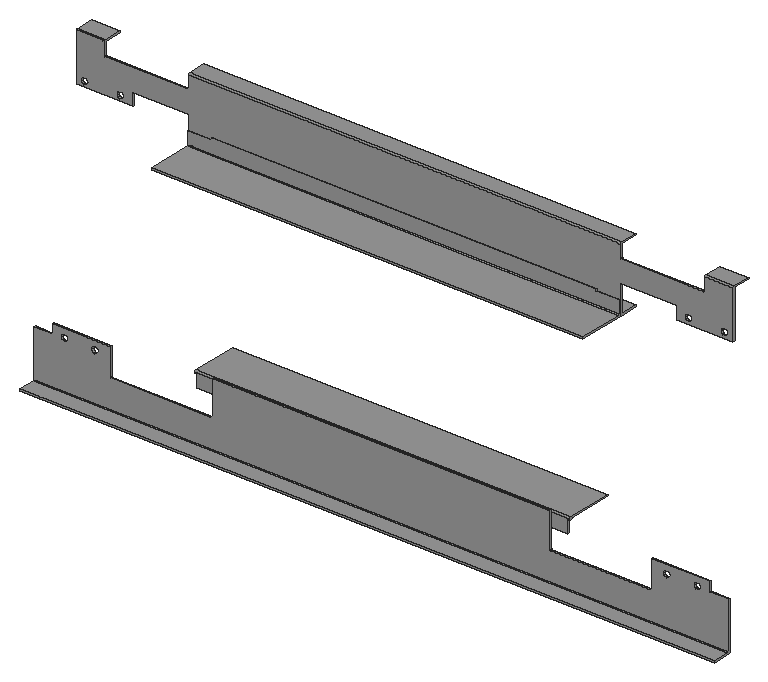
Revit family "ITK by ZPAS_ Фальшпанель горизонтальная_ 42U-47U", category Обобщенные модели, Revit 2019
Family settings
  Может служить основой для арматурных стержней = Нет
  Размер круглого соединителя = Использовать диаметр
  Тип детали = Нормальный
  На основе рабочей плоскости = Нет
  Всегда вертикально = Да
  При загрузке вырезать с полостями = Нет
  Общий = Нет
  Точка расчета площади = Нет
Parameters (values of type "47UхШ700_Серая")
  Ширина = 700 mm
  Материал = Окраска - RAL 7035
  Изготовитель = "ITK"  # constant formula
  Дата изменения = ""
  URL = "https://www.iek.ru/"
  KSI_CPr_Строительные изделия = "61.1.04.08"  # constant formula
  KSI_CMa_Строительные материалы = "10.03.02.06"  # constant formula
  IEK_Цена за единицу = 5244.49
  IEK_Поиск в таблице имен = ""
  IEK_Описание = "Закрывают пространство между 19-дюймовой монтажной зоной и верхней/нижней панелью шкафа. Горизонтальные фальшпанели крепятся к вертикальным фальшпанелям."
  IEK_URL = "https://www.itk-group.ru/produktsiya/catalog/oborudovanie_telekommunikatsionnoe/kompleksnye_resheniya_dlya_tsod/shkafy_i_aksessuary_dlya_tsod/komplektuyushchie_i_aksessuary_dlya_shkafov_itk_by_zpas/paneli_peregorodki_itk_by_zpas/itk_by_zpas_falsh_panel_gorizontalnaya_19_47u_800mm_seraya_2sht_kompl"
  ADSK_Примечание = ""
  ADSK_Позиция [instance] = ""
  ADSK_Наименование = "ITK by ZPAS Фальшпанель горизонтальная 19\" 47U 800 серая (2шт/компл)"
  ADSK_Материал обозначение = ""
  ADSK_Материал наименование = "Листовая сталь"  # constant formula
  ADSK_Масса = 1
  ADSK_Марка = "by ZPAS"  # constant formula
  ADSK_Код изделия = "ZP-FP35-47U-H-0800"
  ADSK_Завод-изготовитель = "IEK"  # constant formula
  ADSK_Единица измерения = "компл"  # constant formula
  ADSK_Группирование = "I. ЩИТЫ И ПУЛЬТЫ"  # constant formula
  ADSK_Версия семейства = "1.0"  # constant formula
  ADSK_Версия Revit = "2019"  # constant formula
  ADSK_URL страницы изделия = "https://www.itk-group.ru/produktsiya/catalog/oborudovanie_telekommunikatsionnoe/kompleksnye_resheniya_dlya_tsod/shkafy_i_aksessuary_dlya_tsod/komplektuyushchie_i_aksessuary_dlya_shkafov_itk_by_zpas/paneli_peregorodki_itk_by_zpas/?pagec=100"
Types (12, lengths in mm): name | Ширина | Материал | IEK_Цена за единицу | IEK_URL | ADSK_Наименование | ADSK_Код изделия
  42UхШ500_Черная | 500 | Окраска - RAL 9005 | 2760.19 | "https://www.itk-group.ru/produktsiya/catalog/oborudovanie_telekommunikatsionnoe/kompleksnye_resheniya_dlya_tsod/shkafy_i_aksessuary_dlya_tsod/komplektuyushchie_i_aksessuary_dlya_shkafov_itk_by_zpas/paneli_peregorodki_itk_by_zpas/itk_by_zpas_falsh_panel_gorizontalnaya_19_42u_600mm_chernaya_2sht_kompl" | "ITK by ZPAS Фальшпанель горизонтальная 19\" 42U 600 черная (2шт/компл)" | "ZP-FP05-42U-H-0600"
  42UхШ700_Черная | 700 | Окраска - RAL 9005 | 5035.48 | "https://www.itk-group.ru/produktsiya/catalog/oborudovanie_telekommunikatsionnoe/kompleksnye_resheniya_dlya_tsod/shkafy_i_aksessuary_dlya_tsod/komplektuyushchie_i_aksessuary_dlya_shkafov_itk_by_zpas/paneli_peregorodki_itk_by_zpas/itk_by_zpas_falsh_panel_gorizontalnaya_19_42u_800mm_chernaya_2sht_kompl" | "ITK by ZPAS Фальшпанель горизонтальная 19\" 42U 800 черная (2шт/компл)" | "ZP-FP05-42U-H-0800"
  45UхШ500_Черная | 500 | Окраска - RAL 9005 | 2866.36 | "https://www.itk-group.ru/produktsiya/catalog/oborudovanie_telekommunikatsionnoe/kompleksnye_resheniya_dlya_tsod/shkafy_i_aksessuary_dlya_tsod/komplektuyushchie_i_aksessuary_dlya_shkafov_itk_by_zpas/paneli_peregorodki_itk_by_zpas/itk_by_zpas_falsh_panel_gorizontalnaya_19_45u_600mm_chernaya_2sht_kompl" | "ITK by ZPAS Фальшпанель горизонтальная 19\" 45U 600 черная (2шт/компл)" | "ZP-FP05-45U-H-0600"
  45UхШ700_Черная | 700 | Окраска - RAL 9005 | 5165.74 | "https://www.itk-group.ru/produktsiya/catalog/oborudovanie_telekommunikatsionnoe/kompleksnye_resheniya_dlya_tsod/shkafy_i_aksessuary_dlya_tsod/komplektuyushchie_i_aksessuary_dlya_shkafov_itk_by_zpas/paneli_peregorodki_itk_by_zpas/itk_by_zpas_falsh_panel_gorizontalnaya_19_45u_800mm_chernaya_2sht_kompl" | "ITK by ZPAS Фальшпанель горизонтальная 19\" 45U 800 черная (2шт/компл)" | "ZP-FP05-45U-H-0800"
  47UхШ500_Черная | 500 | Окраска - RAL 9005 | 2945.1 | "https://www.itk-group.ru/produktsiya/catalog/oborudovanie_telekommunikatsionnoe/kompleksnye_resheniya_dlya_tsod/shkafy_i_aksessuary_dlya_tsod/komplektuyushchie_i_aksessuary_dlya_shkafov_itk_by_zpas/paneli_peregorodki_itk_by_zpas/itk_by_zpas_falsh_panel_gorizontalnaya_19_47u_600mm_chernaya_2sht_kompl" | "ITK by ZPAS Фальшпанель горизонтальная 19\" 47U 600 черная (2шт/компл)" | "ZP-FP05-47U-H-0600"
  47UхШ700_Черная | 700 | Окраска - RAL 9005 | 5244.49 | "https://www.itk-group.ru/produktsiya/catalog/oborudovanie_telekommunikatsionnoe/kompleksnye_resheniya_dlya_tsod/shkafy_i_aksessuary_dlya_tsod/komplektuyushchie_i_aksessuary_dlya_shkafov_itk_by_zpas/paneli_peregorodki_itk_by_zpas/itk_by_zpas_falsh_panel_gorizontalnaya_19_47u_800mm_chernaya_2sht_kompl" | "ITK by ZPAS Фальшпанель горизонтальная 19\" 47U 800 черная (2шт/компл)" | "ZP-FP05-47U-H-0800"
  42UхШ500_Серая | 500 | Окраска - RAL 7035 | 2760.19 | "https://www.itk-group.ru/produktsiya/catalog/oborudovanie_telekommunikatsionnoe/kompleksnye_resheniya_dlya_tsod/shkafy_i_aksessuary_dlya_tsod/komplektuyushchie_i_aksessuary_dlya_shkafov_itk_by_zpas/paneli_peregorodki_itk_by_zpas/itk_by_zpas_falsh_panel_gorizontalnaya_19_42u_600mm_seraya_2sht_kompl" | "ITK by ZPAS Фальшпанель горизонтальная 19\" 42U 600 серая (2шт/компл)" | "ZP-FP35-42U-H-0600"
  42UхШ700_Серая | 700 | Окраска - RAL 7035 | 5035.48 | "https://www.itk-group.ru/produktsiya/catalog/oborudovanie_telekommunikatsionnoe/kompleksnye_resheniya_dlya_tsod/shkafy_i_aksessuary_dlya_tsod/komplektuyushchie_i_aksessuary_dlya_shkafov_itk_by_zpas/paneli_peregorodki_itk_by_zpas/itk_by_zpas_falsh_panel_gorizontalnaya_19_42u_800mm_seraya_2sht_kompl" | "ITK by ZPAS Фальшпанель горизонтальная 19\" 42U 800 серая (2шт/компл)" | "ZP-FP35-42U-H-0800"
  45UхШ500_Серая | 500 | Окраска - RAL 7035 | 2866.36 | "https://www.itk-group.ru/produktsiya/catalog/oborudovanie_telekommunikatsionnoe/kompleksnye_resheniya_dlya_tsod/shkafy_i_aksessuary_dlya_tsod/komplektuyushchie_i_aksessuary_dlya_shkafov_itk_by_zpas/paneli_peregorodki_itk_by_zpas/itk_by_zpas_falsh_panel_gorizontalnaya_19_45u_600mm_seraya_2sht_kompl" | "ITK by ZPAS Фальшпанель горизонтальная 19\" 45U 600 серая (2шт/компл)" | "ZP-FP35-45U-H-0600"
  45UхШ700_Серая | 700 | Окраска - RAL 7035 | 5165.74 | "https://www.itk-group.ru/produktsiya/catalog/oborudovanie_telekommunikatsionnoe/kompleksnye_resheniya_dlya_tsod/shkafy_i_aksessuary_dlya_tsod/komplektuyushchie_i_aksessuary_dlya_shkafov_itk_by_zpas/paneli_peregorodki_itk_by_zpas/itk_by_zpas_falsh_panel_gorizontalnaya_19_45u_800mm_seraya_2sht_kompl" | "ITK by ZPAS Фальшпанель горизонтальная 19\" 45U 800 серая (2шт/компл)" | "ZP-FP35-45U-H-0800"
  47UхШ500_Серая | 500 | Окраска - RAL 7035 | 2945.1 | "https://www.itk-group.ru/produktsiya/catalog/oborudovanie_telekommunikatsionnoe/kompleksnye_resheniya_dlya_tsod/shkafy_i_aksessuary_dlya_tsod/komplektuyushchie_i_aksessuary_dlya_shkafov_itk_by_zpas/paneli_peregorodki_itk_by_zpas/itk_by_zpas_falsh_panel_gorizontalnaya_19_47u_600mm_seraya_2sht_kompl" | "ITK by ZPAS Фальшпанель горизонтальная 19\" 47U 600 серая (2шт/компл)" | "ZP-FP35-47U-H-0600"
  47UхШ700_Серая | 700 | Окраска - RAL 7035 | 5244.49 | "https://www.itk-group.ru/produktsiya/catalog/oborudovanie_telekommunikatsionnoe/kompleksnye_resheniya_dlya_tsod/shkafy_i_aksessuary_dlya_tsod/komplektuyushchie_i_aksessuary_dlya_shkafov_itk_by_zpas/paneli_peregorodki_itk_by_zpas/itk_by_zpas_falsh_panel_gorizontalnaya_19_47u_800mm_seraya_2sht_kompl" | "ITK by ZPAS Фальшпанель горизонтальная 19\" 47U 800 серая (2шт/компл)" | "ZP-FP35-47U-H-0800"
Reference planes
  plane 1 "По центру (Вперед/Назад)": y = 0
  plane 2: z = 0
  plane 3 "По центру (Влево/Вправо)": x = 0
  plane 4: y = 50
  plane 5: z = 330
  plane 6: y = 70
  plane 7: x = -350
  plane 8: x = 350
  plane 9: x = -230
  plane 10: x = 230
  plane 11: z = 260
  plane 12: z = 277.5
  plane 13: z = 70
  plane 14: z = 52.5
  plane 15: x = -370
  plane 16: x = 370
  plane 17: z = 52.5
  plane 18: x = -200
  plane 19: x = 200
Forms (mm)
  Extrusion 1, solid, material "Окраска - RAL 7035" <- "Материал", detail levels fine
    sketch origin (0, 0, 0) x (0, 1, 0) y (0, 0, 1)
      loop
        line (70, 330) -> (51.01, 330)
        arc (51.01, 330) -> (50.296, 329.704) -> (50, 328.99) r 1.01
        line (50, 328.99) -> (50, 261.022)
        arc (50, 261.022) -> (50.299, 260.299) -> (51.022, 260) r 1.022
        line (51.022, 260) -> (70, 260) -> (70, 261.5) -> (52.49, 261.5)
        arc (52.49, 261.5) -> (51.79, 261.79) -> (51.5, 262.49) r 0.99
        line (51.5, 262.49) -> (51.5, 327.521)
        arc (51.5, 327.521) -> (51.787, 328.213) -> (52.479, 328.5) r 0.979
        line (52.479, 328.5) -> (70, 328.5) -> (70, 330)
      loop
        arc (48.881, 260) -> (49.554, 260.279) -> (49.833, 260.952) r 0.952
        line (49.833, 260.952) -> (49.833, 277.5) -> (48.5, 277.5) -> (48.5, 262.467)
        arc (48.5, 262.467) -> (48.217, 261.783) -> (47.533, 261.5) r 0.967
        line (47.533, 261.5) -> (0, 261.5) -> (0, 260) -> (48.881, 260)
    from -350 to 350
  Extrusion 2, void
    sketch origin (0, 0, 0) x (1, 0, 0) y (0, 0, 1)
      loop
        line (-320, 344.49) -> (-320, 315.494)
        arc (-320, 315.494) -> (-319.706, 314.784) -> (-318.996, 314.49) r 1.004
        line (-318.996, 314.49) -> (-231, 314.49)
        arc (-231, 314.49) -> (-230.293, 314.782) -> (-230, 315.49) r 1
        line (-230, 315.49) -> (-230, 344.49) -> (-320, 344.49)
      loop
        arc (-230, 290.062) -> (-230.305, 290.798) -> (-231.041, 291.103) r 1.041
        line (-231.041, 291.103) -> (-289.003, 291.103)
        arc (-289.003, 291.103) -> (-289.708, 290.811) -> (-290, 290.106) r 0.997
        line (-290, 290.106) -> (-290, 277.5) -> (-350, 277.5) -> (-350, 250.51) -> (-230, 250.51) -> (-230, 290.062)
      loop
        circle (-340.921, 283.431) r 3.474
      loop
        circle (-302.789, 283.431) r 3.474
      loop
        line (320, 344.49) -> (230, 344.49) -> (230, 315.49)
        arc (230, 315.49) -> (230.293, 314.782) -> (231, 314.49) r 1
        line (231, 314.49) -> (318.996, 314.49)
        arc (318.996, 314.49) -> (319.706, 314.784) -> (320, 315.494) r 1.004
        line (320, 315.494) -> (320, 344.49)
      loop
        line (230, 290.062) -> (230, 250.51) -> (350, 250.51) -> (350, 277.5) -> (290, 277.5) -> (290, 290.106)
        arc (290, 290.106) -> (289.708, 290.811) -> (289.003, 291.103) r 0.997
        line (289.003, 291.103) -> (231.041, 291.103)
        arc (231.041, 291.103) -> (230.305, 290.798) -> (230, 290.062) r 1.041
      loop
        circle (340.921, 283.431) r 3.474
      loop
        circle (302.789, 283.431) r 3.474
      loop
        circle (-337.447, 53.431) r 3.474
      loop
        circle (-304.665, 53.431) r 3.474
      loop
        line (-370, 52.5) -> (-350, 52.5) -> (-350, 62.5) -> (-288.46, 62.5) -> (-288.46, 33.504)
        arc (-288.46, 33.504) -> (-288.166, 32.794) -> (-287.455, 32.5) r 1.004
        line (-287.455, 32.5) -> (-181, 32.5)
        arc (-181, 32.5) -> (-180.293, 32.793) -> (-180, 33.5) r 1
        line (-180, 33.5) -> (-180, 97.5) -> (-370, 97.5) -> (-370, 52.5)
      loop
        circle (337.447, 53.431) r 3.474
      loop
        circle (304.665, 53.431) r 3.474
      loop
        line (370, 52.5) -> (370, 97.5) -> (180, 97.5) -> (180, 33.5)
        arc (180, 33.5) -> (180.293, 32.793) -> (181, 32.5) r 1
        line (181, 32.5) -> (287.455, 32.5)
        arc (287.455, 32.5) -> (288.166, 32.794) -> (288.46, 33.504) r 1.004
        line (288.46, 33.504) -> (288.46, 62.5) -> (350, 62.5) -> (350, 52.5) -> (370, 52.5)
    from -70 to 0
  Extrusion 3, void
    sketch origin (0, 0, 0) x (1, 0, 0) y (0, 0, 1)
      loop
        line (-205, 277.5) -> (-230, 277.5) -> (-230, 275.5) -> (-205, 275.5) -> (-205, 277.5)
      loop
        line (205, 277.5) -> (205, 275.5) -> (230, 275.5) -> (230, 277.5) -> (205, 277.5)
    from -49.833 to -48.5
  Extrusion 4, solid, material "Окраска - RAL 7035" <- "Материал", detail levels fine
    sketch origin (0, 70, 330) x (0, -1, 0) y (0, 0, -1)
      loop
        arc (48.881, 260) -> (49.554, 260.279) -> (49.833, 260.952) r 0.952
        line (49.833, 260.952) -> (49.833, 277.5) -> (48.5, 277.5) -> (48.5, 262.467)
        arc (48.5, 262.467) -> (48.217, 261.783) -> (47.533, 261.5) r 0.967
        line (47.533, 261.5) -> (0, 261.5) -> (0, 260) -> (48.881, 260)
    from -200 to 200
  Extrusion 5, solid, material "Окраска - RAL 7035" <- "Материал", detail levels fine
    sketch origin (0, 70, 330) x (0, -1, 0) y (0, 0, -1)
      loop
        line (70, 330) -> (51.01, 330)
        arc (51.01, 330) -> (50.296, 329.704) -> (50, 328.99) r 1.01
        line (50, 328.99) -> (50, 260) -> (51.5, 260) -> (51.5, 327.521)
        arc (51.5, 327.521) -> (51.787, 328.213) -> (52.479, 328.5) r 0.979
        line (52.479, 328.5) -> (70, 328.5) -> (70, 330)
    from -370 to 370
  Extrusion 6, void
    sketch origin (0, 0, 0) x (1, 0, 0) y (0, 0, 1)
      loop
        line (-200, 67.479) -> (-200, 52.5) -> (-155, 52.5) -> (-155, 54.048) -> (-197.986, 54.048) -> (-197.986, 67.479) -> (-200, 67.479)
      loop
        line (200, 67.479) -> (197.986, 67.479) -> (197.986, 54.048) -> (155, 54.048) -> (155, 52.5) -> (200, 52.5) -> (200, 67.479)
    from -13.704 to -26.883
  Extrusion 7, solid, detail levels coarse+medium
    sketch origin (0, 0, 0) x (1, 0, 0) y (0, 0, 1)
      loop
        line (-350, 330) -> (-350, 260) -> (350, 260) -> (350, 330) -> (-350, 330)
      loop
        line (-370, 70) -> (-370, 0) -> (370, 0) -> (370, 70) -> (-370, 70)
    from 0 to -70
Cuts and joins
  Extrusion 2, Extrusion 3 cuts Extrusion 1
  Extrusion 2 cuts Extrusion 5
  Extrusion 6 cuts Extrusion 4
Dimensions and locks
  plane 6 to plane 4 to plane 1 "По центру (Вперед/Назад)" = 20 mm locked, 50 mm locked
  locked: plane 5 to plane 11 at 70
  equal spacing: plane 8, plane 3 "По центру (Влево/Вправо)", plane 7
  "Ширина": plane 8 to plane 7
  equal spacing: plane 10, plane 3 "По центру (Влево/Вправо)", plane 9
  locked: plane 9 to plane 7 at 120
  plane 13 to level = 70 mm
  equal spacing: plane 16, plane 3 "По центру (Влево/Вправо)", plane 15
  locked: plane 7 to plane 15 at 20
  equal spacing: plane 19, plane 3 "По центру (Влево/Вправо)", plane 18
  locked: plane 18 to plane 9 at 30
  locked: Extrusion 2 sketch curve to plane 18 at 20
  aligned and locked: level to plane 2
  aligned and locked: plane 5 to Extrusion 1 sketch curve
  aligned and locked: plane 6 to Extrusion 1 sketch curve
  aligned and locked: plane 1 "По центру (Вперед/Назад)" to Extrusion 1 sketch curve
  aligned and locked: Extrusion 1 to plane 11  (x2)
  aligned and locked: Extrusion 1 sketch curve to Extrusion 1 sketch curve
  aligned and locked: Extrusion 2 sketch curve to plane 9
  aligned and locked: Extrusion 2 to plane 6
  aligned and locked: plane 1 "По центру (Вперед/Назад)" to Extrusion 2
  aligned and locked: Extrusion 1 sketch curve to plane 12
  aligned and locked: Extrusion 2 sketch curve to plane 7
  aligned and locked: cut or joined group of Extrusion 1, Extrusion 2, Extrusion 3 to plane 7
  aligned and locked: plane 8 to cut or joined group of Extrusion 1, Extrusion 2, Extrusion 3
  aligned and locked: Extrusion 4 sketch curve to plane 14
  aligned and locked: Extrusion 4 to plane 18
  aligned and locked: plane 19 to Extrusion 4
  aligned and locked: Extrusion 6 sketch curve to plane 18
  aligned and locked: Extrusion 2 to plane 15
  aligned and locked: plane 16 to Extrusion 2
  aligned and locked: Extrusion 2 to Extrusion 5
  aligned and locked: Extrusion 5 to Extrusion 2
  aligned and locked: plane 13 to Extrusion 5 sketch curve
  aligned and locked: plane 7 to Extrusion 7 sketch curve
  aligned and locked: Extrusion 7 sketch curve to plane 8
  aligned and locked: plane 15 to Extrusion 7 sketch curve
  aligned and locked: Extrusion 7 sketch curve to plane 16
  aligned and locked: Extrusion 7 to plane 6
Automatic sketch dimensions
  Extrusion 1 sketch curve to plane 11 = 0 mm  (x2)
  Extrusion 1 sketch curve to plane 4 = 0 mm
  Extrusion 1 sketch curve to plane 6 = 0 mm
  plane 11 to Extrusion 1 sketch curve = 1.5 mm
  plane 4 to Extrusion 1 sketch curve = 2.467 mm
  plane 4 to Extrusion 1 sketch curve = 1.5 mm
  plane 4 to Extrusion 1 sketch curve = 1.119 mm
  plane 4 to Extrusion 1 sketch curve = 0.167 mm
  Extrusion 1 sketch curve to plane 4 = 1.01 mm
  Extrusion 1 sketch curve to plane 4 = 1.022 mm
  Extrusion 1 sketch curve to plane 4 = 1.5 mm
  Extrusion 1 sketch curve to Extrusion 1 sketch curve = 0.979 mm
  Extrusion 1 sketch curve to Extrusion 1 sketch curve = 0.99 mm
  Extrusion 1 sketch curve to Extrusion 1 sketch curve = 1.469 mm
  Extrusion 3 sketch curve to plane 9 = 0 mm
  Extrusion 3 sketch curve to plane 10 = 0 mm
  plane 9 to Extrusion 3 sketch curve = 25 mm
  Extrusion 3 sketch curve to Extrusion 3 sketch curve = 25 mm
  plane 11 to Extrusion 3 sketch curve = 15.5 mm  (x2)
  Extrusion 3 sketch curve to Extrusion 3 sketch curve = 2 mm  (x2)
  Extrusion 4 sketch curve to plane 6 = 0 mm
  Extrusion 4 sketch curve to plane 13 = 0 mm
  Extrusion 4 sketch curve to plane 13 = 1.5 mm
  Extrusion 4 sketch curve to Extrusion 4 sketch curve = 0.967 mm
  Extrusion 4 sketch curve to Extrusion 4 sketch curve = 1.347 mm
  Extrusion 4 sketch curve to plane 13 = 0.952 mm
  Extrusion 4 sketch curve to plane 1 "По центру (Вперед/Назад)" = 22.467 mm
  Extrusion 6 sketch curve to plane 19 = 0 mm
  plane 18 to Extrusion 6 sketch curve = 2.014 mm
  Extrusion 6 sketch curve to plane 13 = 17.5 mm  (x2)
  Extrusion 6 sketch curve to Extrusion 6 sketch curve = 42.986 mm
  Extrusion 6 sketch curve to plane 19 = 45 mm
  Extrusion 6 sketch curve to plane 19 = 2.014 mm
  Extrusion 6 sketch curve to Extrusion 6 sketch curve = 1.548 mm  (x2)
  Extrusion 6 sketch curve to plane 13 = 2.521 mm  (x2)
  Extrusion 2 sketch curve to plane 15 = 0 mm
  Extrusion 2 sketch curve to plane 7 = 0 mm
  Extrusion 2 sketch curve to plane 9 = 0 mm
  Extrusion 2 sketch curve to plane 10 = 0 mm  (x2)
  Extrusion 2 sketch curve to plane 8 = 0 mm  (x2)
  Extrusion 2 sketch curve to plane 16 = 0 mm
  plane 7 to Extrusion 2 sketch curve = 9.079 mm
  plane 7 to Extrusion 2 sketch curve = 12.553 mm
  plane 7 to Extrusion 2 sketch curve = 30 mm
  Extrusion 2 sketch curve to Extrusion 2 sketch curve = 1.004 mm  (x4)
  Extrusion 2 sketch curve to Extrusion 2 sketch curve = 32.782 mm
  Extrusion 2 sketch curve to Extrusion 2 sketch curve = 16.206 mm
  Extrusion 2 sketch curve to Extrusion 2 sketch curve = 12.789 mm  (x2)
  Extrusion 2 sketch curve to Extrusion 2 sketch curve = 0.997 mm  (x2)
  Extrusion 2 sketch curve to Extrusion 2 sketch curve = 16.205 mm  (x2)
  Extrusion 2 sketch curve to Extrusion 2 sketch curve = 1.041 mm
  Extrusion 2 sketch curve to Extrusion 2 sketch curve = 1 mm  (x2)
  plane 18 to Extrusion 2 sketch curve = 19 mm
  plane 10 to Extrusion 2 sketch curve = 1 mm
  plane 10 to Extrusion 2 sketch curve = 1.041 mm
  level to Extrusion 2 sketch curve = 33.504 mm
  plane 10 to Extrusion 2 sketch curve = 57.455 mm
  Extrusion 2 sketch curve to plane 13 = 7.5 mm  (x2)
  Extrusion 2 sketch curve to Extrusion 2 sketch curve = 57.962 mm
  Extrusion 2 sketch curve to plane 8 = 31.004 mm
  plane 5 to Extrusion 2 sketch curve = 14.49 mm  (x2)
  Extrusion 2 sketch curve to plane 8 = 12.553 mm
  Extrusion 2 sketch curve to plane 8 = 9.079 mm
  level to Extrusion 2 sketch curve = 32.5 mm
  Extrusion 2 sketch curve to plane 13 = 17.5 mm  (x2)
  Extrusion 2 sketch curve to plane 13 = 16.569 mm  (x2)
  Extrusion 2 sketch curve to Extrusion 2 sketch curve = 0.931 mm  (x2)
  plane 13 to Extrusion 2 sketch curve = 27.5 mm  (x2)
  Extrusion 2 sketch curve to plane 11 = 9.49 mm  (x2)
  plane 11 to Extrusion 2 sketch curve = 17.5 mm  (x2)
  Extrusion 2 sketch curve to Extrusion 2 sketch curve = 5.931 mm  (x4)
  plane 11 to Extrusion 2 sketch curve = 30.062 mm  (x2)
  Extrusion 2 sketch curve to plane 5 = 15.51 mm  (x2)
  Extrusion 2 sketch curve to plane 19 = 20 mm
  Extrusion 5 sketch curve to level = 0 mm
  Extrusion 5 sketch curve to plane 1 "По центру (Вперед/Назад)" = 0 mm
  level to Extrusion 5 sketch curve = 1.5 mm
  Extrusion 5 sketch curve to Extrusion 5 sketch curve = 17.521 mm
  Extrusion 5 sketch curve to Extrusion 5 sketch curve = 0.979 mm
  Extrusion 5 sketch curve to Extrusion 5 sketch curve = 1.469 mm
  level to Extrusion 5 sketch curve = 1.01 mm
  Extrusion 7 sketch curve to level = 0 mm
  Extrusion 7 sketch curve to plane 13 = 0 mm
  Extrusion 7 sketch curve to plane 11 = 0 mm
  Extrusion 7 sketch curve to plane 5 = 0 mm
  radius of Extrusion 2 sketch curve = 3.474 mm  (x8)
